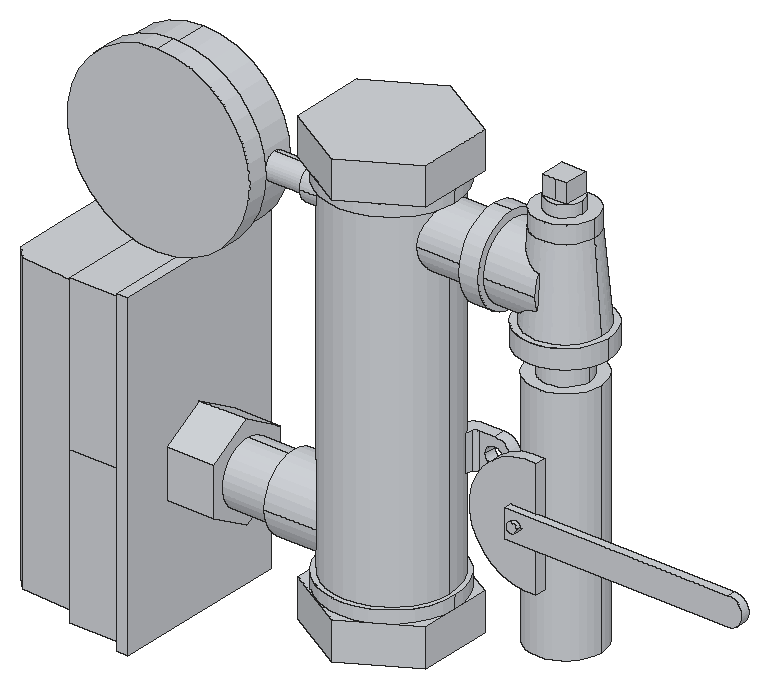
Revit family
Reference planes (in)
  plane 1 "Center (Front/Back)": y = 0
  plane 2: z = 0
  plane 3 "Center (Left/Right)": x = 0
Dimensions and locks (in)
  aligned and locked: plane 2 to level
Nested families (in)
  nested 1: "2RRD" at (0, 0, 0), type "RASCO RISER-RESIDENTIAL"
Connectors (in)
  piping at (3.67933, -0.0006, 1.04)
    settings: on nested 1, index 1, connector radius 83/128", flow factor 0, pipe flow 0 GPM, pressure drop 0.00 psi, fitting loss kfactor 0, connector angle 0.00°, fixture units 0, flow configuration 0, flow direction 0, fitting loss method 0, system type 7, connector reference index -1, connector utility 0, adjustable connector no, is connector primary yes, fitting loss table "", connector description ""
  piping at (0, -0.0015, 9.5)
    settings: on nested 1, index 2, connector radius 1 1/2", flow factor 0, pipe flow 0 GPM, pressure drop 0.00 psi, fitting loss kfactor 0, connector angle 0.00°, fixture units 0, flow configuration 0, flow direction 0, fitting loss method 0, system type 7, connector reference index -1, connector utility 0, adjustable connector no, is connector primary no, fitting loss table "", connector description ""
  piping at (0, -0.0015, 0)
    settings: on nested 1, index 3, connector radius 1 1/2", flow factor 0, pipe flow 0 GPM, pressure drop 0.00 psi, fitting loss kfactor 0, connector angle 0.00°, fixture units 0, flow configuration 0, flow direction 0, fitting loss method 0, system type 7, connector reference index -1, connector utility 0, adjustable connector no, is connector primary no, fitting loss table "", connector description ""
Definition of nested family "2RRD"
  Reference planes (in)
    plane 1 "Center (Front/Back)": y = 0
    plane 2: z = 0
    plane 3 "Center (Left/Right)": x = 0
    plane 4 "ref.1": z = 1.04
    plane 5: z = 9.83243
    plane 6 "nipple": z = 6.08
    plane 7 "plug": z = 9.19059
  Forms (in)
    Extrusion 1, solid
      sketch origin (0, 0, 0) x (1, 0, 0) y (0, 1, 0)
        loop
          line (-1.345, -0.77804) -> (0, -1.55457) -> (1.345, -0.77804) -> (1.345, 0.77504) -> (0, 1.55157) -> (-1.345, 0.77504) -> (-1.345, -0.77804)
      from 0 to 0.78266
    Extrusion 2, solid
      sketch origin (0, 0, 0) x (1, 0, 0) y (0, 1, 0)
        loop
          circle (0, 0) r 1.345
      from 0.78266 to 1.04
    Extrusion 3, solid
      sketch origin (0, 0, 1.04) x (-1, 0, 0) y (0, -1, 0)
        loop
          circle (0, 0) r 1.24
      from 0 to 7.42
    Extrusion 4, solid
      sketch origin (-0.00001, 0, 8.71734) x (1, 0, 0) y (0, 1, 0)
        loop
          line (-1.34499, -0.77804) -> (0.00001, -1.55457) -> (1.34501, -0.77804) -> (1.34501, 0.77504) -> (0.00001, 1.55157) -> (-1.34499, 0.77504) -> (-1.34499, -0.77804)
      from 0 to 0.78266
    Extrusion 5, solid
      sketch origin (0, 0, 7.67734) x (1, 0, 0) y (0, 1, 0)
        loop
          circle (0, 0) r 1.345
      from 0.78266 to 1.04
    Extrusion 6, solid
      sketch origin (0, 0, 0) x (0, 1, 0) y (0, 0, 1)
        loop
          circle (0, 1.81) r 0.78
      from 0 to -2.05601
    Extrusion 7, void
      sketch origin (0, 0, 1.04) x (-1, 0, 0) y (0, -1, 0)
        loop
          line (0, -0.677) -> (0, -0.83969) -> (0.51275, -0.83969) -> (0.51275, -0.79009)
          arc (0.51275, -0.79009) -> (0.24961, -0.7642) -> (0, -0.677) r 1.11349
      from 0 to 1.55457
    Extrusion 8, void
      sketch origin (0, 0, 1.04) x (-1, 0, 0) y (0, -1, 0)
        loop
          arc (0, 0.68) -> (0.24961, 0.7672) -> (0.51275, 0.79309) r 1.11349
          line (0.51275, 0.79309) -> (0.51275, 0.8427) -> (0, 0.8427) -> (0, 0.68)
      from 0 to 1.55719
    Extrusion 9, solid
      sketch origin (0, 0, 0) x (0, 1, 0) y (0, 0, 1)
        loop
          circle (0, 7.81) r 0.66
      from 0 to 2.32683
    Extrusion 10, solid
      sketch origin (0, 0, 0) x (0, 1, 0) y (0, 0, 1)
        loop
          circle (0, 7.81) r 0.355
      from 0 to -1.64859
    Extrusion 11, solid
      sketch origin (-0.31057, 0, 5.20495) x (-1, 0, 0) y (0, -1, 0)
        loop
          line (0.68, 0) -> (0.39, 0) -> (0.54048, -0.85341)
          arc (0.54048, -0.85341) -> (0.62598, -1.00151) -> (0.78668, -1.06) r 0.25
          line (0.78668, -1.06) -> (1.76437, -1.06) -> (1.76437, -0.81) -> (0.89834, -0.81)
          arc (0.89834, -0.81) -> (0.84049, -0.78894) -> (0.80971, -0.73563) r 0.09
          line (0.80971, -0.73563) -> (0.68, 0)
      from 0.66505 to 1.42505
    Extrusion 12, solid
      sketch origin (0.30443, 0, 2.31856) x (1, 0, 0) y (0, 1, 0)
        loop
          line (0.68, 0) -> (0.80971, 0.73563)
          arc (0.80971, 0.73563) -> (0.84049, 0.78894) -> (0.89834, 0.81) r 0.09
          line (0.89834, 0.81) -> (1.74654, 0.81) -> (1.74654, 1.06) -> (0.78668, 1.06)
          arc (0.78668, 1.06) -> (0.62598, 1.00151) -> (0.54048, 0.85341) r 0.25
          line (0.54048, 0.85341) -> (0.39, 0) -> (0.68, 0)
      from 0.66505 to 1.42505
    Extrusion 13, void
      sketch origin (-0.44524, 0, 0) x (1, 0, 0) y (0, 0, 1)
        loop
          circle (-1.17512, 6.25) r 0.195
      from -1.06 to -0.81
    Extrusion 14, void
      sketch origin (0.43909, 0, 0.11361) x (1, 0, 0) y (0, 0, 1)
        loop
          circle (1.09, 3.25) r 0.195
      from -1.06 to -0.81
    Extrusion 15, void
      sketch origin (-0.44524, 0, 0) x (1, 0, 0) y (0, 0, 1)
        loop
          line (-1.17512, 6.63) -> (-1.17512, 6.71331) -> (-1.75581, 6.71331) -> (-1.75581, 5.80236) -> (-1.17512, 5.80236) -> (-1.17512, 5.87)
          arc (-1.17512, 5.87) -> (-1.55512, 6.25) -> (-1.17512, 6.63) r 0.38
      from -1.06 to -0.81
    Extrusion 16, void
      sketch origin (0.43909, 0, 0.11361) x (1, 0, 0) y (0, 0, 1)
        loop
          line (1.09, 2.87) -> (1.09, 2.83503) -> (1.65386, 2.83503) -> (1.65386, 3.68519) -> (1.09, 3.68519) -> (1.09, 3.63)
          arc (1.09, 3.63) -> (1.47, 3.25) -> (1.09, 2.87) r 0.38
      from -1.06 to -0.81
    Extrusion 17, solid
      sketch origin (0.93317, 0, 6.08) x (-1, 0, 0) y (0, -1, 0)
        loop
          circle (-2.75, 0.00522) r 0.5
      from 0 to 0.55
    Extrusion 18, solid
      sketch origin (0.90365, 0, 9.19061) x (-1, 0, 0) y (0, -1, 0)
        loop
          circle (-2.75, 0) r 0.375
      from 0 to 0.2412
    Extrusion 19, solid
      sketch origin (0.89665, 0, 9.19059) x (-1, 0, 0) y (0, -1, 0)
        loop
          line (-2.753, 0.25) -> (-3.003, 0.25) -> (-3.003, -0.25) -> (-2.503, -0.25) -> (-2.503, 0) -> (-2.503, 0.25) -> (-2.753, 0.25)
      from 0.2412 to 0.64184
  Cuts and joins
    Extrusion 7, Extrusion 8 cuts Extrusion 2
    Extrusion 7, Extrusion 8 cuts Extrusion 4
    Extrusion 7, Extrusion 8 cuts Extrusion 5
    Extrusion 7, Extrusion 8 cuts Extrusion 6
    Extrusion 13, Extrusion 15 cuts Extrusion 11
    Extrusion 14, Extrusion 16 cuts Extrusion 12
  Dimensions and locks (in)
    plane 5 to nested 2 = 0' - 11"
    aligned and locked: plane 2 to level
  Nested families (in)
    nested 1: "Gauge3" at (-3.75, 0.39285, 1.91793), type "RASCO Gauge"
    nested 2: "Water Flow Detector" at (-5.36, 0, -1.84924), type "Water Flow Detector"
    nested 3: "Test-Drain Valve" at (3.66287, -0.15695, 1.04), type "Test-Drain Valve"
    nested 4: "tee3" at (3.66287, 0, 6.63), type "tee3"
  Definition of nested family "Gauge3"
    Reference planes (in)
      plane 1 "Center (Front/Back)": y = 0
      plane 2: z = 0
      plane 3 "Center (Left/Right)": x = 0
      plane 4: z = 7.47962
      plane 5 "ref.2": y = -0.425
      plane 6 "ref.3": z = 5.65212
      plane 7 "refdt": y = -1.191
    Forms (in)
      Extrusion 1, solid
        sketch origin (6.95412, -1.191, 5.90312) x (0, 0, -1) y (-1, 0, 0)
          loop
            circle (0, 7.47962) r 1.9225
        from 0 to 0.425
      Extrusion 2, solid
        sketch origin (6.95412, -0.766, 5.90312) x (-1, 0, 0) y (0, 0, 1)
          loop
            circle (7.47962, 0) r 1.8275
        from 0 to 0.766
      Extrusion 3, solid
        sketch origin (2.43846, -1.191, 5.90312) x (0, 1, 0) y (0, 0, 1)
          loop
            circle (0.80101, 0) r 0.2725
        from 0 to -1.146
    Lines and regions (in)
      model lines
        curve 1: arc (-0.5255, -1.191, 4.25062) -> (-2.178, -1.191, 5.90312) -> (-0.5255, -1.191, 7.55562) r 1.6525
        curve 2: arc (-0.5255, -1.191, 4.42562) -> (-2.003, -1.191, 5.90312) -> (-0.5255, -1.191, 7.38062) r 1.4775
        curve 3: line (-0.5255, -1.191, 4.25062) -> (-0.5255, -1.191, 4.42562)
        curve 4: line (-0.5255, -1.191, 7.38062) -> (-0.5255, -1.191, 7.55562)
        curve 5: line (-0.32954, -1.191, 5.36925) -> (-1.42319, -1.191, 6.76906)
        curve 6: line (-1.42319, -1.191, 6.76906) -> (-0.17646, -1.191, 5.52233)
        curve 7: line (-0.17646, -1.191, 5.52233) -> (-0.32954, -1.191, 5.36925)
    Dimensions and locks (in)
      aligned and locked: plane 2 to level
  Definition of nested family "Water Flow Detector"
    Reference planes (in)
      plane 1 "Center (Front/Back)": y = 0
      plane 2: z = 0
      plane 3 "Center (Left/Right)": x = 0
    Forms (in)
      Extrusion 1, solid
        sketch origin (3.64489, -0.00807, 3.68167) x (0, 0, -1) y (0, -1, 0)
          loop
            circle (0, 0) r 0.655
        from 0 to 1.32768
      Extrusion 2, solid
        sketch origin (2.31721, -0.00807, 5.11447) x (0, -1, 0) y (0, 0, 1)
          loop
            line (0, -0.43279) -> (-0.86603, -0.93279) -> (-0.86603, -1.93279) -> (0, -2.43279) -> (0.86603, -1.93279) -> (0.86603, -0.93279) -> (0, -0.43279)
        from 0 to 1
      Extrusion 3, solid
        sketch origin (1.31721, -0.00404, 4.28167) x (0, 0, 1) y (0, 1, 0)
          loop
            line (-3.6, 0) -> (-3.6, -1.875) -> (3.15, -1.875) -> (3.15, 1.875) -> (-3.6, 1.875) -> (-3.6, 0)
        from 0 to 0.25
      Extrusion 4, solid
        sketch origin (1.06721, -0.00807, 3.68167) x (0, 0, 1) y (0, 1, 0)
          loop
            line (0.375, -1.765) -> (3.625, -1.765) -> (3.625, 1.765) -> (-2.89, 1.765) -> (-2.89, -1.765) -> (0.375, -1.765)
        from 0 to 1.062
      Extrusion 5, solid
        sketch origin (3.64477, -0.00807, 4.42051) x (-1, 0, 0) y (0, -1, 0)
          loop
            line (3.63968, 0) -> (3.63968, -1.627) -> (4.80895, -1.54524) -> (5.07768, -1.2765) -> (5.07768, 0) -> (5.07768, 1.2765) -> (4.80895, 1.54524) -> (3.63968, 1.627) -> (3.63968, 0)
        from -3.48722 to 2.75684
    Dimensions and locks (in)
      aligned and locked: plane 2 to level
  Definition of nested family "Test-Drain Valve"
    Reference planes (in)
      plane 1 "Center (Front/Back)": y = 0
      plane 2: z = 0
      plane 3 "Center (Left/Right)": x = 0
      plane 4 "ref.2": z = 1.03
    Forms (in)
      Extrusion 1, solid
        sketch origin (0.02197, 0.09564, 3.1625) x (1, 0, 0) y (0, 0, 1)
          loop
            circle (-0.01345, -0.44998) r 0.105
        from 0.56904 to 1.36107
      Extrusion 2, solid
        sketch origin (0.15989, -1.26543, 1.6425) x (0, 0, 1) y (-1, 0, 0)
          loop
            line (1.03, 0.37389) -> (0.74163, 0.37389) -> (0.74163, -4.3395)
            arc (0.74163, -4.3395) -> (1.03663, -4.6345) -> (1.33163, -4.3395) r 0.295
            line (1.33163, -4.3395) -> (1.33163, 0.37389) -> (1.03, 0.37389)
        from -0.26148 to -0.09542
      Extrusion 3, solid
        sketch origin (0, 0, 0) x (1, 0, 0) y (0, 1, 0)
          loop
            circle (0.01646, 0.15636) r 0.75
        from 0 to 5.04
      Extrusion 4, solid
        sketch origin (0.03599, 0.78727, -0.11587) x (1, 0, 0) y (0, 0, 1)
          loop
            line (0.28512, 2.5) -> (0.28512, 4.03519)
            arc (0.28512, 4.03519) -> (-1.12118, 2.795) -> (0.28512, 1.55481) r 1.25
            line (0.28512, 1.55481) -> (0.28512, 2.5)
        from 1.56371 to 1.79121
    Dimensions and locks (in)
      aligned and locked: plane 2 to level
  Definition of nested family "tee3"
    Parameters (values of type "tee3")
      Assembly Code = ""
    Reference planes (in)
      plane 1 "Center (Front/Back)": y = 0
      plane 2: z = 0
      plane 3 "Center (Left/Right)": x = 0
      plane 4 "ref.2": z = 0.4
      plane 5 "re.3": z = 2.00996
      plane 6: x = -1.5
    Forms (in)
      Extrusion 1, solid
        sketch origin (0, 0, 0) x (1, 0, 0) y (0, 1, 0)
          loop
            circle (0, 0) r 0.92
        from 0 to 0.4
      Blend 2, solid
        base sketch origin (0, 0, 0.4) x (-1, 0, 0) y (0, -1, 0)
          loop
            circle (0, 0) r 0.785
        top sketch origin (0, 0, 0.4) x (-1, 0, 0) y (0, -1, 0)
          loop
            circle (0, 0) r 0.6225
        from 0 to 1.80197
      Extrusion 3, solid
        sketch origin (0, 0, 2.00996) x (-1, 0, 0) y (0, -1, 0)
          loop
            circle (0, 0) r 0.6225
        from 0.192 to 0.55064
      Extrusion 4, solid
        sketch origin (0, 0, 0) x (0, 1, 0) y (0, 0, 1)
          loop
            circle (-0.00522, 1.18821) r 0.785
        from 0 to -1.1
      Extrusion 5, solid
        sketch origin (-1.1, 0, 1.19147) x (0, 0, 1) y (0, 1, 0)
          loop
            circle (0, 0) r 0.92
        from 0 to 0.4
    Dimensions and locks (in)
      aligned and locked: plane 2 to level
